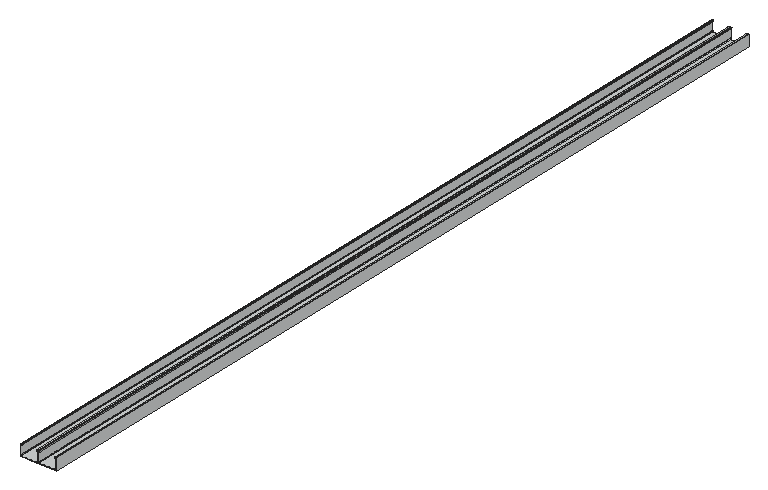
Revit family "Specialty_Equipment-Metal_Raceway-Hubbell_Wiring-Base-HBLALU5000B10", category Specialty Equipment, host Face, Revit 2015
Parameters (values of type "HBLALU5000B10")
  URL = "http://www.hubbell-wiring.com/"
  Product data url = "https://bimobject.com/hubbellwiring/product/hubbell-metal-raceway-alu5000"
  Product Page URL = "http://ecatalog.hubbell-wiring.com/ProductInformation/ViewCatalog.aspx?Dest=hubbell-wiring.com/press/catalog/r.pdf"
  Product Documentation Link = "http://www.hubbell-wiring.com/press/pdfs/h5233r08.pdf"
  Number Of Segments [instance] = roundup(Length / 120.00")  # 1
  Model = "HBLALU5000B10"
  Manufacturer = "Hubbell Wiring Device Kellems"  # constant formula
  Length Note [instance] = "Available in 10 foot Segments"  # constant formula
  Length [instance] = 120.00"
  Host Note = "Add in Section View; Host to Wall"  # constant formula
  Description = "Two Channel Base"  # constant formula
  Default Elevation = 48.00"
  Cable Tray Material = Metal-Hubbell-Aluminum
  B = 5.08"
  Assembly Code = "D5090900"
  A = 1.66"
Reference planes (in)
  plane 1 "Center (Front/Back)": y = 0
  plane 2: z = 0
  plane 3 "Center (Left/Right)": x = 0
  plane 4: z = 1.66
  plane 5: x = -2.54
  plane 6: x = 2.54
  plane 7: y = 60
  plane 8: y = -60
Forms (in)
  Extrusion 1, solid, material "Metal-Hubbell-Aluminum" <- "Cable Tray Material"
    sketch origin (0, 0, 0) x (1, 0, 0) y (0, 0, 1)
      loop
        line (-0.22978, 0) -> (2.54, 0) -> (2.54, 1.52447) -> (2.48263, 1.52447) -> (2.48263, 1.46462) -> (2.42028, 1.46462) -> (2.42028, 1.49617)
        arc (2.42028, 1.49617) -> (2.39965, 1.551) -> (2.34799, 1.57862) r 0.08316
        arc (2.34799, 1.57862) -> (2.31884, 1.54733) -> (2.35794, 1.53) r 0.02625
        line (2.35794, 1.53) -> (2.35794, 1.47958)
        arc (2.35794, 1.47958) -> (2.38919, 1.41749) -> (2.45769, 1.40561) r 0.07731
        line (2.45769, 1.40561) -> (2.45769, 0.23067) -> (2.41903, 0.23067)
        arc (2.41903, 0.23067) -> (2.38786, 0.1995) -> (2.41903, 0.16833) r 0.03117
        line (2.41903, 0.16833) -> (2.45769, 0.16833) -> (2.45769, 0.09738)
        arc (2.45769, 0.09738) -> (2.4682, 0.0643) -> (2.43512, 0.07481) r 0.01955
        line (2.43512, 0.07481) -> (0.09738, 0.07481)
        arc (0.09738, 0.07481) -> (0.06353, 0.06353) -> (0.07481, 0.09738) r 0.01995
        line (0.07481, 0.09738) -> (0.07481, 0.16833) -> (0.11347, 0.16833)
        arc (0.11347, 0.16833) -> (0.14464, 0.1995) -> (0.11347, 0.23067) r 0.03117
        line (0.11347, 0.23067) -> (0.07481, 0.23067) -> (0.07481, 1.40561)
        arc (0.07481, 1.40561) -> (0.14331, 1.41749) -> (0.17456, 1.47958) r 0.07731
        line (0.17456, 1.47958) -> (0.17456, 1.53)
        arc (0.17456, 1.53) -> (0.21354, 1.54743) -> (0.18437, 1.5786) r 0.02622
        arc (0.18437, 1.5786) -> (0.1328, 1.55094) -> (0.11222, 1.49617) r 0.08316
        line (0.11222, 1.49617) -> (0.11222, 1.46462) -> (0.04987, 1.46462) -> (0.04987, 1.52447) -> (0, 1.52447) -> (-0.05737, 1.52447) -> (-0.05737, 1.46462) -> (-0.11972, 1.46462) -> (-0.11972, 1.49617)
        arc (-0.11972, 1.49617) -> (-0.14035, 1.551) -> (-0.19201, 1.57862) r 0.08316
        arc (-0.19201, 1.57862) -> (-0.22116, 1.54733) -> (-0.18206, 1.53) r 0.02625
        line (-0.18206, 1.53) -> (-0.18206, 1.47958)
        arc (-0.18206, 1.47958) -> (-0.15081, 1.41749) -> (-0.08231, 1.40561) r 0.07731
        line (-0.08231, 1.40561) -> (-0.08231, 0.23067) -> (-0.12097, 0.23067)
        arc (-0.12097, 0.23067) -> (-0.15214, 0.1995) -> (-0.12097, 0.16833) r 0.03117
        line (-0.12097, 0.16833) -> (-0.08231, 0.16833) -> (-0.08231, 0.09738)
        arc (-0.08231, 0.09738) -> (-0.0718, 0.0643) -> (-0.10488, 0.07481) r 0.01955
        line (-0.10488, 0.07481) -> (-2.44262, 0.07481)
        arc (-2.44262, 0.07481) -> (-2.47647, 0.06353) -> (-2.46519, 0.09738) r 0.01995
        line (-2.46519, 0.09738) -> (-2.46519, 0.16833) -> (-2.42653, 0.16833)
        arc (-2.42653, 0.16833) -> (-2.39536, 0.1995) -> (-2.42653, 0.23067) r 0.03117
        line (-2.42653, 0.23067) -> (-2.46519, 0.23067) -> (-2.46519, 1.40561)
        arc (-2.46519, 1.40561) -> (-2.39669, 1.41749) -> (-2.36544, 1.47958) r 0.07731
        line (-2.36544, 1.47958) -> (-2.36544, 1.53)
        arc (-2.36544, 1.53) -> (-2.32646, 1.54743) -> (-2.35563, 1.5786) r 0.02622
        arc (-2.35563, 1.5786) -> (-2.4072, 1.55094) -> (-2.42778, 1.49617) r 0.08316
        line (-2.42778, 1.49617) -> (-2.42778, 1.46462) -> (-2.49012, 1.46462) -> (-2.49012, 1.52447) -> (-2.54, 1.52447) -> (-2.54, 0) -> (-0.22978, 0)
    from -60 to 60
Lines and regions (in)
  symbolic lines, style "symbolic lines"
    curve 1: line (0, 60, 0) -> (0, -60, 0)
    curve 2: line (0, 60, 1.66) -> (0, 60, 0)
    curve 3: line (0, -60, 1.66) -> (0, 60, 1.66)
    curve 4: line (0, -60, 0) -> (0, -60, 1.66)
    curve 65: line (-2.54, -60, 0) -> (-2.54, 60, 0)
    curve 66: line (-2.54, 60, 0) -> (2.54, 60, 0)
    curve 67: line (2.54, 60, 0) -> (2.54, -60, 0)
    curve 68: line (2.54, -60, 0) -> (-2.54, -60, 0)
    curve 69: line (2.54, 0, 0) -> (2.54, 0, 1.66)
    curve 70: line (-2.54, 0, 0) -> (2.54, 0, 0)
    curve 71: line (-2.54, 0, 1.66) -> (-2.54, 0, 0)
    curve 72: line (-2.46519, 0, 0.07481) -> (-2.46519, 0, 1.66)
    curve 73: line (-0.08231, 0, 0.07481) -> (-2.46519, 0, 0.07481)
    curve 74: line (-0.08231, 0, 1.66) -> (-0.08231, 0, 0.07481)
    curve 75: line (0.07481, 0, 0.07481) -> (0.07481, 0, 1.66)
    curve 76: line (0.07481, 0, 1.66) -> (-0.08231, 0, 1.66)
    curve 77: line (2.45769, 0, 1.66) -> (2.45769, 0, 0.07481)
    curve 78: line (0.07481, 0, 0.07481) -> (2.45769, 0, 0.07481)
    curve 79: line (2.54, 0, 1.66) -> (2.45769, 0, 1.66)
    curve 80: line (-2.54, 0, 1.66) -> (-2.46519, 0, 1.66)
  reference lines
    curve 5: line (-2.54, 0, 1.66) -> (-2.54, 0, 0)
    curve 6: line (-2.48263, 0, 1.66) -> (-2.54, 0, 1.66)
    curve 7: line (-2.48263, 0, 1.5949) -> (-2.48263, 0, 1.66)
    curve 8: line (-2.42028, 0, 1.5949) -> (-2.48263, 0, 1.5949)
    curve 9: line (-2.42028, 0, 1.62645) -> (-2.42028, 0, 1.5949)
    curve 10: arc (-2.33712, 0, 1.70961) -> (-2.39592, 0, 1.68525) -> (-2.42028, 0, 1.62645) r 0.08316
    curve 11: arc (-2.35794, 0, 1.66029) -> (-2.31035, 0, 1.66926) -> (-2.33712, 0, 1.70961) r 0.02906
    curve 12: line (-2.35794, 0, 1.60986) -> (-2.35794, 0, 1.66029)
    curve 13: arc (-2.45769, 0, 1.53589) -> (-2.38919, 0, 1.54777) -> (-2.35794, 0, 1.60986) r 0.07731
    curve 14: line (-2.45769, 0, 0.23067) -> (-2.45769, 0, 1.53589)
    curve 15: line (-2.41903, 0, 0.23067) -> (-2.45769, 0, 0.23067)
    curve 16: arc (-2.41903, 0, 0.16833) -> (-2.38786, 0, 0.1995) -> (-2.41903, 0, 0.23067) r 0.03117
    curve 17: line (-2.45769, 0, 0.16833) -> (-2.41903, 0, 0.16833)
    curve 18: line (-2.45769, 0, 0.09738) -> (-2.45769, 0, 0.16833)
    curve 19: arc (-2.43512, 0, 0.07481) -> (-2.46897, 0, 0.06353) -> (-2.45769, 0, 0.09738) r 0.01995
    curve 20: line (-0.09738, 0, 0.07481) -> (-2.43512, 0, 0.07481)
    curve 21: arc (-0.07481, 0, 0.09738) -> (-0.0643, 0, 0.0643) -> (-0.09738, 0, 0.07481) r 0.01955
    curve 22: line (-0.07481, 0, 0.16833) -> (-0.07481, 0, 0.09738)
    curve 23: line (-0.11347, 0, 0.16833) -> (-0.07481, 0, 0.16833)
    curve 24: arc (-0.11347, 0, 0.23067) -> (-0.14464, 0, 0.1995) -> (-0.11347, 0, 0.16833) r 0.03117
    curve 25: line (-0.07481, 0, 0.23067) -> (-0.11347, 0, 0.23067)
    curve 26: line (-0.07481, 0, 1.53589) -> (-0.07481, 0, 0.23067)
    curve 27: arc (-0.17456, 0, 1.60986) -> (-0.14331, 0, 1.54777) -> (-0.07481, 0, 1.53589) r 0.07731
    curve 28: line (-0.17456, 0, 1.66029) -> (-0.17456, 0, 1.60986)
    curve 29: arc (-0.19538, 0, 1.70961) -> (-0.22215, 0, 1.66926) -> (-0.17456, 0, 1.66029) r 0.02906
    curve 30: arc (-0.11222, 0, 1.62645) -> (-0.13658, 0, 1.68525) -> (-0.19538, 0, 1.70961) r 0.08316
    curve 31: line (-0.11222, 0, 1.5949) -> (-0.11222, 0, 1.62645)
    curve 32: line (-0.04988, 0, 1.5949) -> (-0.11222, 0, 1.5949)
    curve 33: line (-0.04988, 0, 1.66) -> (-0.04988, 0, 1.5949)
    curve 34: line (0.04988, 0, 1.66) -> (-0.04988, 0, 1.66)
    curve 35: line (0.04988, 0, 1.5949) -> (0.04988, 0, 1.66)
    curve 36: line (0.11222, 0, 1.5949) -> (0.04988, 0, 1.5949)
    curve 37: arc (0.19538, 0, 1.70961) -> (0.13658, 0, 1.68525) -> (0.11222, 0, 1.62645) r 0.08316
    curve 38: line (0.11222, 0, 1.62645) -> (0.11222, 0, 1.5949)
    curve 39: arc (0.17456, 0, 1.66029) -> (0.22215, 0, 1.66926) -> (0.19538, 0, 1.70961) r 0.02906
    curve 40: line (0.17456, 0, 1.60986) -> (0.17456, 0, 1.66029)
    curve 41: arc (0.07481, 0, 1.53589) -> (0.14331, 0, 1.54777) -> (0.17456, 0, 1.60986) r 0.07731
    curve 42: line (0.07481, 0, 0.23067) -> (0.07481, 0, 1.53589)
    curve 43: line (0.11347, 0, 0.23067) -> (0.07481, 0, 0.23067)
    curve 44: arc (0.11347, 0, 0.16833) -> (0.14464, 0, 0.1995) -> (0.11347, 0, 0.23067) r 0.03117
    curve 45: line (0.07481, 0, 0.16833) -> (0.11347, 0, 0.16833)
    curve 46: line (0.07481, 0, 0.09738) -> (0.07481, 0, 0.16833)
    curve 47: arc (0.09738, 0, 0.07481) -> (0.06353, 0, 0.06353) -> (0.07481, 0, 0.09738) r 0.01995
    curve 48: line (2.43512, 0, 0.07481) -> (0.09738, 0, 0.07481)
    curve 49: arc (2.45769, 0, 0.09738) -> (2.4682, 0, 0.0643) -> (2.43512, 0, 0.07481) r 0.01955
    curve 50: line (2.45769, 0, 0.16833) -> (2.45769, 0, 0.09738)
    curve 51: line (2.41903, 0, 0.16833) -> (2.45769, 0, 0.16833)
    curve 52: arc (2.41903, 0, 0.23067) -> (2.38786, 0, 0.1995) -> (2.41903, 0, 0.16833) r 0.03117
    curve 53: line (2.45769, 0, 0.23067) -> (2.41903, 0, 0.23067)
    curve 54: line (2.45769, 0, 1.53589) -> (2.45769, 0, 0.23067)
    curve 55: arc (2.35794, 0, 1.60986) -> (2.38919, 0, 1.54777) -> (2.45769, 0, 1.53589) r 0.07731
    curve 56: line (2.35794, 0, 1.66029) -> (2.35794, 0, 1.60986)
    curve 57: arc (2.33712, 0, 1.70961) -> (2.31035, 0, 1.66926) -> (2.35794, 0, 1.66029) r 0.02906
    curve 58: arc (2.42028, 0, 1.62645) -> (2.39592, 0, 1.68525) -> (2.33712, 0, 1.70961) r 0.08316
    curve 59: line (2.42028, 0, 1.5949) -> (2.42028, 0, 1.62645)
    curve 60: line (2.48263, 0, 1.5949) -> (2.42028, 0, 1.5949)
    curve 61: line (2.48263, 0, 1.66) -> (2.48263, 0, 1.5949)
    curve 62: line (2.54, 0, 1.66) -> (2.48263, 0, 1.66)
    curve 63: line (2.54, 0, 0) -> (2.54, 0, 1.66)
    curve 64: line (-2.54, 0, 0) -> (2.54, 0, 0)
Dimensions and locks (in)
  "A": plane 4 to plane 2
  equal spacing: plane 5, plane 3 "Center (Left/Right)", plane 6
  "B": plane 5 to plane 6
  equal spacing: plane 7, plane 1 "Center (Front/Back)", plane 8
  "Length": plane 7 to plane 8
  aligned and locked: plane 2 to host face
  aligned and locked: level to host face
  aligned and locked: plane 5 to curve 5
  aligned and locked: curve 64 to plane 2
  aligned and locked: plane 4 to curve 34
  aligned and locked: curve 63 to plane 6
  aligned and locked: plane 4 to curve 62
  aligned and locked: plane 4 to curve 6
  aligned and locked: plane 7 to Extrusion 1
  aligned and locked: Extrusion 1 to plane 8
  aligned and locked: curve 65 to plane 5
  aligned and locked: plane 8 to curve 68
  aligned and locked: plane 6 to curve 67
  aligned and locked: curve 66 to plane 7
  aligned and locked: plane 4 to curve 79
  aligned and locked: plane 8 to curve 4
  aligned and locked: curve 2 to plane 7
  aligned and locked: curve 3 to plane 4
  aligned and locked: curve 1 to plane 2
  aligned and locked: curve 72 to Extrusion 1
  aligned and locked: curve 74 to Extrusion 1
  aligned and locked: curve 70 to plane 2
  aligned and locked: curve 73 to Extrusion 1
  aligned and locked: curve 77 to Extrusion 1
  aligned and locked: plane 5 to Extrusion 1
  aligned and locked: Extrusion 1 to plane 6
Automatic sketch dimensions
  host sketch curve to host sketch curve = 96.00"  (x2)
  curve 5 to curve 6 = 0.05737"
  curve 7 to curve 6 = 0.0651"
  curve 7 to curve 8 = 0.06234"
  curve 8 to curve 9 = 0.03155"
  plane 4 to curve 10 = 0.04961"
  plane 4 to curve 11 = 0.00029"
  curve 11 to curve 11 = 0.02082"
  plane 4 to curve 11 = 0.02056"
  curve 12 to curve 10 = 0.01659"
  curve 7 to curve 13 = 0.02494"
  curve 13 to curve 8 = 0.01496"
  level to curve 14 = 0.23067"
  curve 14 to curve 15 = 0.03865"
  curve 16 to curve 15 = 0.06234"
  curve 17 to curve 16 = 0.03865"
  curve 18 to curve 17 = 0.07094"
  curve 18 to curve 19 = 0.00282"
  curve 19 to curve 19 = 0.01975"
  curve 19 to curve 18 = 0.02257"
  curve 20 to plane 3 "Center (Left/Right)" = 0.09738"
  curve 20 to curve 21 = 0.01927"
  curve 21 to curve 21 = 0.00331"
  curve 20 to curve 21 = 0.00331"
  curve 21 to curve 22 = 0.07094"
  curve 23 to curve 22 = 0.03865"
  curve 23 to curve 24 = 0.03117"
  curve 24 to curve 25 = 0.03865"
  curve 26 to plane 4 = 0.12411"
  curve 27 to plane 4 = 0.05014"
  curve 27 to curve 27 = 0.09975"
  plane 4 to curve 28 = 0.00029"
  curve 29 to curve 29 = 0.02082"
  plane 4 to curve 29 = 0.02056"
  curve 30 to curve 27 = 0.01496"
  curve 27 to curve 30 = 0.01659"
  curve 31 to curve 27 = 0.01496"
  curve 27 to curve 32 = 0.04738"
  plane 3 "Center (Left/Right)" to curve 34 = 0.04988"
  curve 35 to curve 35 = 0.0651"
  curve 35 to curve 36 = 0.06234"
  curve 37 to plane 4 = 0.03355"
  curve 37 to curve 37 = 0.08316"
  plane 4 to curve 39 = 0.00029"
  curve 39 to curve 39 = 0.02082"
  plane 4 to curve 39 = 0.02056"
  curve 40 to curve 37 = 0.01659"
  curve 35 to curve 41 = 0.02494"
  curve 41 to curve 36 = 0.01496"
  curve 42 to curve 25 = 0.00"
  curve 42 to curve 43 = 0.03865"
  curve 44 to curve 43 = 0.06234"
  curve 45 to curve 44 = 0.03865"
  curve 46 to curve 45 = 0.07094"
  curve 46 to curve 47 = 0.00282"
  curve 47 to curve 47 = 0.01975"
  curve 47 to curve 46 = 0.02257"
  plane 6 to curve 48 = 0.10488"
  curve 48 to curve 49 = 0.01927"
  curve 49 to curve 49 = 0.00331"
  curve 48 to curve 49 = 0.00331"
  curve 49 to curve 50 = 0.07094"
  curve 51 to curve 50 = 0.03865"
  curve 51 to curve 52 = 0.03117"
  curve 52 to curve 53 = 0.03865"
  curve 54 to plane 4 = 0.12411"
  curve 55 to plane 4 = 0.05014"
  curve 55 to curve 55 = 0.09975"
  plane 4 to curve 56 = 0.00029"
  curve 57 to curve 56 = 0.02082"
  plane 4 to curve 57 = 0.02056"
  curve 58 to curve 55 = 0.01496"
  curve 55 to curve 58 = 0.01659"
  curve 59 to curve 55 = 0.01496"
  curve 55 to curve 60 = 0.04738"
  plane 6 to Extrusion 1 sketch curve = 5.08"
  Extrusion 1 sketch curve to Extrusion 1 sketch curve = 0.04987"  (x2)
  Extrusion 1 sketch curve to Extrusion 1 sketch curve = 0.07481"  (x3)
  Extrusion 1 sketch curve to Extrusion 1 sketch curve = 0.02494"  (x2)
  Extrusion 1 sketch curve to Extrusion 1 sketch curve = 0.00282"  (x4)
  Extrusion 1 sketch curve to Extrusion 1 sketch curve = 0.04738"  (x4)
  Extrusion 1 sketch curve to Extrusion 1 sketch curve = 0.01975"  (x2)
  Extrusion 1 sketch curve to Extrusion 1 sketch curve = 0.01496"  (x8)
  Extrusion 1 sketch curve to Extrusion 1 sketch curve = 0.03865"  (x3)
  Extrusion 1 sketch curve to Extrusion 1 sketch curve = 0.06234"  (x4)
  Extrusion 1 sketch curve to Extrusion 1 sketch curve = 0.00981"  (x2)
  Extrusion 1 sketch curve to Extrusion 1 sketch curve = 0.00"  (x5)
  Extrusion 1 sketch curve to Extrusion 1 sketch curve = 0.00347"  (x2)
  Extrusion 1 sketch curve to Extrusion 1 sketch curve = 0.02082"  (x3)
  Extrusion 1 sketch curve to Extrusion 1 sketch curve = 2.19675"
  Extrusion 1 sketch curve to Extrusion 1 sketch curve = 0.0269"
  Extrusion 1 sketch curve to Extrusion 1 sketch curve = 0.00744"  (x2)
  Extrusion 1 sketch curve to Extrusion 1 sketch curve = 0.00343"  (x2)
  Extrusion 1 sketch curve to Extrusion 1 sketch curve = 0.01338"
  Extrusion 1 sketch curve to Extrusion 1 sketch curve = 0.10882"
  Extrusion 1 sketch curve to Extrusion 1 sketch curve = 0.01608"  (x2)
  Extrusion 1 sketch curve to Extrusion 1 sketch curve = 0.01927"  (x2)
  Extrusion 1 sketch curve to Extrusion 1 sketch curve = 0.00331"  (x3)
  Extrusion 1 sketch curve to Extrusion 1 sketch curve = 0.03741"  (x2)
  Extrusion 1 sketch curve to Extrusion 1 sketch curve = 0.05737"
  Extrusion 1 sketch curve to Extrusion 1 sketch curve = 0.15712"
  Extrusion 1 sketch curve to Extrusion 1 sketch curve = 2.14174"
  Extrusion 1 sketch curve to Extrusion 1 sketch curve = 0.0611"
  Extrusion 1 sketch curve to Extrusion 1 sketch curve = 0.08562"
  Extrusion 1 sketch curve to plane 4 = 1.66"
  Extrusion 1 sketch curve to Extrusion 1 sketch curve = 0.07094"  (x4)
  Extrusion 1 sketch curve to Extrusion 1 sketch curve = 0.03117"  (x4)
  Extrusion 1 sketch curve to Extrusion 1 sketch curve = 1.17493"  (x3)
  Extrusion 1 sketch curve to Extrusion 1 sketch curve = 0.01659"  (x4)
  Extrusion 1 sketch curve to Extrusion 1 sketch curve = 0.05985"  (x3)
  curve 80 to plane 4 = 0.00"
  plane 5 to curve 80 = 0.00"
  curve 75 to plane 4 = 0.00"
  plane 6 to curve 79 = 0.00"
  plane 3 "Center (Left/Right)" to curve 75 = 0.07481"
  level to curve 78 = 0.07481"
